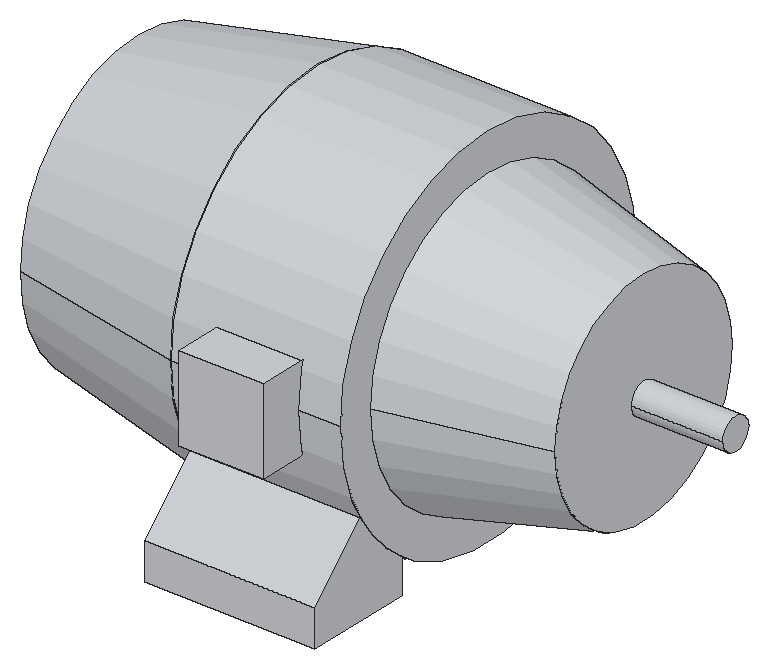
Revit family "M_Motor", category Iluminação elétrica, Revit 2019
Family settings
  Manter orientação da anotação = Sim
  Cota do conector redondo = Utilizar diâmetro
  Tipo de parte = Normal
  Número OmniClass = 23.80.10.21.14
  Título OmniClass = Alternating Current (AC) Motors
  ID de item do Seek = Motor-0000-CAN-ENU
  Com base no plano de trabalho = Não
  Sempre na vertical = Sim
  Corte com vazios quando carregada = Não
  Compartilhado = Não
  Ponto de cálculo do ambiente = Não
Parameters (values of type "Monofásica - 120")
  Largura 1 = Largura base * 0.25  # 44.5 mm
  Voltagem = ""
  Raio 2 = Raio do motor * 0.6  # 45.6 mm
  Raio 1 = Raio do motor * 0.8  # 60.8 mm
  Número de pólos = 1
  Motor Voltage = 115 V
  Raio do motor = 76 mm
  Motor Material = none
  Comprimento do motor = 246 mm
  Classificação de carga = Motor
  Comprimento 2 = Comprimento base * 0.25  # 17.5 mm
  Cercar [instance] = "Open Dripproof"
  Comprimento do eixo = 38 mm
  Comprimento 1 = 64 mm
  Comprimento base = 70 mm
  Altura 1 = Raio do motor * 0.2  # 15.2 mm
  Largura base = 178 mm
  Raio do eixo = Diâmetro do eixo * 0.5  # 6.5 mm
  Diâmetro do eixo = 13 mm
  Carga aparente = 1012 VA
Types (5, lengths in mm): name | Largura 1 | Raio 2 | Raio 1 | Número de pólos | Motor Voltage | Raio do motor | Comprimento do motor | Comprimento 2 | Comprimento do eixo | Comprimento 1 | Comprimento base | Altura 1 | Largura base | Raio do eixo | Diâmetro do eixo | Carga aparente
  (no name) | 44.5 | 45.6 | 60.8 | 1 | 115 V | 76 | 246 | 17.5 | 38 | 64 | 70 | 15.2 | 178 | 6.5 | 13 | 1012 VA
  Monofásica - 120 | 44.5 | 45.6 | 60.8 | 1 | 115 V | 76 | 246 | 17.5 | 38 | 64 | 70 | 15.2 | 178 | 6.5 | 13 | 1012 VA
  Monofásica - 240 | 44.5 | 53.4 | 71.2 | 2 | 230 V | 89 | 234 | 19 | 48 | 70 | 76 | 17.8 | 178 | 8 | 16 | 1058 VA
  Trifásico - 208 | 57.25 | 68.4 | 91.2 | 3 | 200 V | 114 | 381 | 35 | 70 | 70 | 140 | 22.8 | 229 | 14.5 | 29 | 2960 VA
  Trifásico - 480 | 79.5 | 79.8 | 106.4 | 3 | 460 V | 133 | 574 | 52.5 | 102 | 89 | 210 | 26.6 | 318 | 20.5 | 41 | 8510 VA
Reference planes
  plane 1 "Centro (Frente/Trás)": y = 0
  plane 2: z = 0
  plane 3 "Centro (Esquerda/Direita)": x = 0
  plane 4: x = -109
  plane 5: x = 99
  plane 6: x = 137
  plane 7: z = 76
  plane 8: z = 93.5
  plane 9: z = 58.5
  plane 10: x = -17.5
  plane 11: x = 17.5
  plane 12: y = -93.5
  plane 13: y = -76
  plane 14: y = -70.92
  plane 15: y = 89
  plane 16: y = -89
  plane 17: z = 15.2
  plane 18: y = 44.5
  plane 19: y = -44.5
  plane 20: through (0, 88.93, 15.27) normal (0, 0.7071, 0.7071)
  plane 21: through (0, -88.93, 15.27) normal (0, 0.7071, -0.7071)
  plane 22: y = 60.8
  plane 23: y = -60.8
  plane 24: x = -35
  plane 25: x = 35
Forms (mm)
  Extrusion 1, solid, material <- "Motor Material"
    sketch origin (0, 0, 0) x (0, 1, 0) y (0, 0, 1)
      loop
        circle (0, 76) r 76
    from -35 to 35
  Blend 2, solid, material <- "Motor Material"
    base sketch origin (0, 0, 0) x (0, 1, 0) y (0, 0, 1)
      loop
        circle (0, 76) r 60.8
    top sketch origin (0, 0, 0) x (0, 1, 0) y (0, 0, 1)
      loop
        circle (0, 76) r 45.6
    from 35 to 99
  Blend 3, solid, material <- "Motor Material"
    base sketch origin (0, 0, 0) x (0, 1, 0) y (0, 0, 1)
      loop
        circle (0, 76) r 60.8
    top sketch origin (0, 0, 0) x (0, 1, 0) y (0, 0, 1)
      loop
        circle (0, 76) r 76
    from -109 to -35
  Extrusion 4, solid, material <- "Motor Material"
    sketch origin (0, 0, 0) x (0, 1, 0) y (0, 0, 1)
      loop
        circle (0, 76) r 6.5
    from 99 to 137
  Extrusion 5, solid, material <- "Motor Material"
    sketch origin (0, 0, 0) x (1, 0, 0) y (0, 0, 1)
      loop
        line (-17.5, 93.5) -> (-17.5, 58.5) -> (17.5, 58.5) -> (17.5, 93.5) -> (-17.5, 93.5)
    from 70.92 to 93.5
  Extrusion 6, solid, material <- "Motor Material"
    sketch origin (0, 0, 0) x (0, 1, 0) y (0, 0, 1)
      loop
        line (44.5, 0) -> (89, 0) -> (89, 15.2) -> (65.957, 38.243)
        arc (65.957, 38.243) -> (56.502, 25.171) -> (44.5, 14.39) r 76
        line (44.5, 14.39) -> (44.5, 0)
      loop
        line (-89, 0) -> (-44.5, 0) -> (-44.5, 14.39)
        arc (-44.5, 14.39) -> (-56.502, 25.171) -> (-65.957, 38.243) r 76
        line (-65.957, 38.243) -> (-89, 15.2) -> (-89, 0)
    from -35 to 35
Lines and regions (mm)
  symbolic lines, detail levels fine
    curve 1: line (-109, 60.8, 0) -> (-109, -60.8, 0)
    curve 2: line (-35, -76, 0) -> (-35, 76, 0)
    curve 3: line (-109, 60.8, 0) -> (-35, 76, 0)
    curve 4: line (-109, -60.8, 0) -> (-35, -76, 0)
    curve 5: line (35, -76, 0) -> (35, 76, 0)
    curve 6: line (-35, 76, 0) -> (35, 76, 0)
    curve 7: line (-35, -76, 0) -> (35, -76, 0)
    curve 8: line (99, -45.6, 0) -> (99, 45.6, 0)
    curve 9: line (99, 45.6, 0) -> (35, 60.8, 0)
    curve 10: line (99, -45.6, 0) -> (35, -60.8, 0)
    curve 11: line (137, -6.5, 0) -> (137, 6.5, 0)
    curve 12: line (137, 6.5, 0) -> (99, 6.5, 0)
    curve 13: line (137, -6.5, 0) -> (99, -6.5, 0)
    curve 14: line (-17.5, -93.5, 0) -> (17.5, -93.5, 0)
    curve 15: line (-17.5, -93.5, 0) -> (-17.5, -76, 0)
    curve 16: line (17.5, -93.5, 0) -> (17.5, -76, 0)
Dimensions and locks
  "Comprimento do eixo": plane 5 to plane 6
  "Comprimento do motor": plane 4 to plane 6
  "Raio do motor": plane 7 to plane 2
  "Comprimento 2": plane 8 to plane 7
  "Comprimento 2": plane 7 to plane 9
  "Comprimento 2": plane 3 "Centro (Esquerda/Direita)" to plane 10
  "Comprimento 2": plane 11 to plane 3 "Centro (Esquerda/Direita)"
  "Raio do motor": plane 1 "Centro (Frente/Trás)" to plane 13
  locked: plane 14 to plane 13 at 5.08
  "Comprimento 2": plane 13 to plane 12
  equal spacing: plane 15, plane 1 "Centro (Frente/Trás)", plane 16
  "Largura base": plane 15 to plane 16
  "Altura 1": plane 17 to level
  "Largura 1": plane 15 to plane 18
  "Largura 1": plane 19 to plane 16
  "Raio 1": plane 22 to plane 1 "Centro (Frente/Trás)"
  "Raio 1": plane 23 to plane 1 "Centro (Frente/Trás)"
  equal spacing: plane 24, plane 3 "Centro (Esquerda/Direita)", plane 25
  "Comprimento base": plane 24 to plane 25
  "Comprimento 1": plane 25 to plane 5
  "Raio 1": plane 1 "Centro (Frente/Trás)" to curve 1
  "Raio 1": curve 1 to plane 1 "Centro (Frente/Trás)"
  "Raio do motor": plane 1 "Centro (Frente/Trás)" to curve 2
  "Raio do motor": curve 2 to plane 1 "Centro (Frente/Trás)"
  "Raio do motor": plane 1 "Centro (Frente/Trás)" to curve 5
  "Raio do motor": curve 5 to plane 1 "Centro (Frente/Trás)"
  "Raio 2": plane 1 "Centro (Frente/Trás)" to curve 8
  "Raio 2": curve 8 to plane 1 "Centro (Frente/Trás)"
  "Raio do eixo": plane 1 "Centro (Frente/Trás)" to curve 11
  "Raio do eixo": curve 11 to plane 1 "Centro (Frente/Trás)"
  "Raio do motor": radius of Extrusion 1 sketch curve
  "Raio 1": radius of Blend 2 sketch curve
  "Raio 2": radius of Blend 2 sketch curve
  "Raio 1": radius of Blend 3 sketch curve
  "Raio do motor": radius of Blend 3 sketch curve
  "Raio do eixo": radius of Extrusion 4 sketch curve
  locked: plane 20 to plane 17 (angle 135.00°)
  locked: plane 21 to plane 17 (angle 45.00°)
  aligned and locked: plane 7 to Extrusion 1 sketch curve
  aligned and locked: plane 1 "Centro (Frente/Trás)" to Extrusion 1 sketch curve
  aligned and locked: plane 7 to Blend 2 sketch curve  (x2)
  aligned and locked: plane 1 "Centro (Frente/Trás)" to Blend 2 sketch curve  (x2)
  aligned and locked: plane 5 to Blend 2
  aligned and locked: plane 7 to Blend 3 sketch curve  (x2)
  aligned and locked: plane 1 "Centro (Frente/Trás)" to Blend 3 sketch curve  (x2)
  aligned and locked: Blend 3 to plane 4
  aligned and locked: plane 7 to Extrusion 4 sketch curve
  aligned and locked: plane 1 "Centro (Frente/Trás)" to Extrusion 4 sketch curve
  aligned and locked: plane 6 to Extrusion 4
  aligned and locked: Extrusion 4 to plane 5
  aligned and locked: plane 10 to Extrusion 5 sketch curve
  aligned and locked: Extrusion 5 sketch curve to plane 8
  aligned and locked: plane 9 to Extrusion 5 sketch curve
  aligned and locked: Extrusion 5 sketch curve to plane 11
  aligned and locked: Extrusion 5 to plane 14
  aligned and locked: plane 12 to Extrusion 5
  aligned and locked: Extrusion 6 sketch curve to level
  aligned and locked: Extrusion 6 sketch curve to plane 18
  aligned and locked: Extrusion 6 sketch curve to plane 15
  aligned and locked: Extrusion 6 sketch curve to plane 20
  aligned and locked: Extrusion 6 sketch curve to Extrusion 1  (x2)
  aligned and locked: plane 16 to Extrusion 6 sketch curve
  aligned and locked: Extrusion 6 sketch curve to plane 19
  aligned and locked: Extrusion 6 sketch curve to plane 21
  aligned and locked: Extrusion 6 to plane 2
  aligned and locked: plane 24 to Blend 3
  aligned and locked: Extrusion 1 to plane 24
  aligned and locked: Extrusion 6 to plane 24
  aligned and locked: plane 24 to Extrusion 6
  aligned and locked: plane 25 to Extrusion 1
  aligned and locked: Blend 2 to plane 25
  aligned and locked: plane 25 to Extrusion 6
  aligned and locked: Extrusion 6 to plane 25
  aligned and locked: Blend 3 to curve 1
  aligned and locked: curve 2 to Blend 3
  aligned and locked: curve 5 to Extrusion 1
  aligned and locked: curve 8 to Blend 2
  aligned and locked: plane 23 to curve 10
  aligned and locked: plane 22 to curve 9
  aligned and locked: plane 25 to curve 10
  aligned and locked: curve 11 to Extrusion 4
  aligned and locked: Extrusion 4 to curve 12
  aligned and locked: curve 14 to Extrusion 5
  aligned and locked: plane 12 to curve 14
  aligned and locked: curve 15 to Extrusion 5
  aligned and locked: curve 16 to Extrusion 5
  aligned and locked: plane 1 "Centro (Frente/Trás)" to nested 1
  aligned and locked: plane 3 "Centro (Esquerda/Direita)" to nested 1
Automatic sketch dimensions
  Extrusion 6 sketch curve to level = 0 mm
Nested families
  nested 1: "M_Anotação do motor" at (0, 0, 0), type "Anotação do motor", detail levels coarse+medium
Connectors
  electrical at (0, -82.21, 58.5), driven by "Motor Voltage", driven by "Número de pólos", driven by "Carga aparente", driven by "Classificação de carga"
    settings: on Extrusion 5, index 1, voltage 115 V, apparent load 1012 VA, apparent load phase1 0 VA, apparent load phase2 0 VA, apparent load phase3 0 VA, power factor 1, load classification "Motor", number of poles 1, system type 30, power factor state 1, is connector primary yes, connector utility no, sub classification motor no, connector description ""
Definition of nested family "M_Anotação do motor"
  Parameters
    Anotação de legenda = ""
  Reference planes
    plane 1: y = 0
    plane 2: x = 0
  Lines and regions (mm)
    detail lines
      curve 1: circle (0, 0, 0) r 3.175 normal (0, 0, 1)
      curve 2: circle (0, 0, 0) r 1.191 normal (0, 0, 1)
      curve 3: line (-0.899, 0.78, 0) -> (1.242, 2.922, 0)
      curve 4: line (0.899, -0.78, 0) -> (-1.242, -2.922, 0)
  Dimensions and locks
    radius of curve 1 = 3.175 mm
    radius of curve 2 = 1.191 mm
    aligned and locked: plane 1 to curve 1
    aligned and locked: plane 2 to curve 1
    aligned and locked: plane 1 to curve 2
    aligned and locked: plane 2 to curve 2
